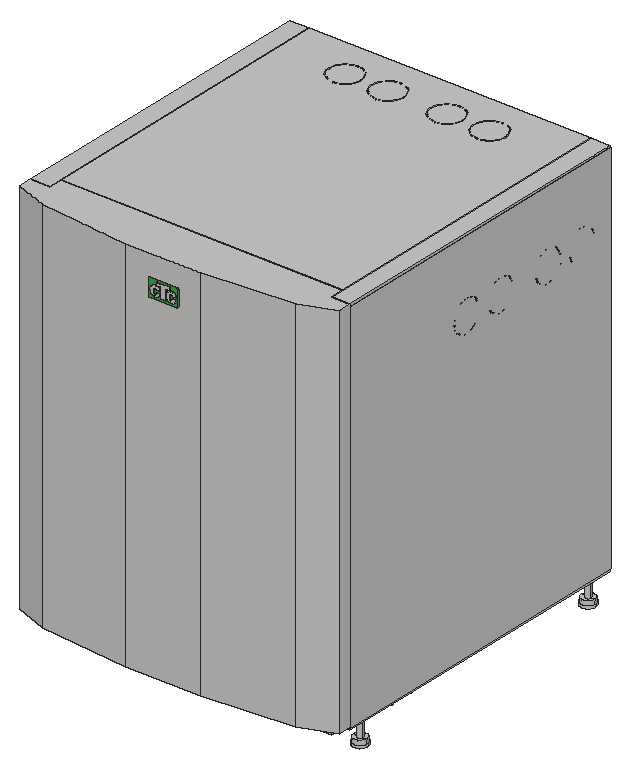
Revit family "HVAC_Heaters_Enertech_CTC-EcoPart-600M", category Specialty Equipment, Revit 2017 (continued)
Automatic sketch dimensions
  curve 56 to curve 61 = 0 mm  (x2)
  curve 56 to curve 62 = 0 mm  (x2)
  curve 56 to curve 63 = 0 mm  (x2)
  curve 57 to curve 58 = 0 mm  (x2)
  curve 57 to curve 59 = 0 mm  (x2)
  curve 57 to curve 60 = 0 mm  (x2)
  curve 57 to curve 61 = 0 mm  (x2)
  curve 57 to curve 62 = 0 mm  (x2)
  curve 57 to curve 63 = 0 mm  (x2)
  curve 58 to curve 59 = 0 mm  (x2)
  curve 58 to curve 60 = 0 mm  (x2)
  curve 58 to curve 61 = 0 mm  (x2)
  curve 58 to curve 62 = 0 mm  (x2)
  curve 58 to curve 63 = 0 mm  (x2)
  curve 59 to curve 60 = 0 mm  (x2)
  curve 59 to curve 61 = 0 mm  (x2)
  curve 59 to curve 62 = 0 mm  (x2)
  curve 59 to curve 63 = 0 mm  (x2)
  curve 60 to curve 61 = 0 mm  (x2)
  curve 60 to curve 62 = 0 mm  (x2)
  curve 60 to curve 63 = 0 mm  (x2)
  curve 61 to curve 62 = 0 mm  (x2)
  curve 61 to curve 63 = 0 mm  (x2)
  curve 62 to curve 63 = 0 mm  (x2)
  curve 72 to curve 73 = 0 mm  (x2)
  curve 72 to curve 74 = 0 mm  (x2)
  curve 72 to curve 75 = 0 mm  (x2)
  curve 72 to curve 76 = 0 mm  (x2)
  curve 72 to curve 77 = 0 mm  (x2)
  curve 72 to curve 78 = 0 mm  (x2)
  curve 72 to curve 79 = 0 mm  (x2)
  curve 73 to curve 74 = 0 mm  (x2)
  curve 73 to curve 75 = 0 mm  (x2)
  curve 73 to curve 76 = 0 mm  (x2)
  curve 73 to curve 77 = 0 mm  (x2)
  curve 73 to curve 78 = 0 mm  (x2)
  curve 73 to curve 79 = 0 mm  (x2)
  curve 74 to curve 75 = 0 mm  (x2)
  curve 74 to curve 76 = 0 mm  (x2)
  curve 74 to curve 77 = 0 mm  (x2)
  curve 74 to curve 78 = 0 mm  (x2)
  curve 74 to curve 79 = 0 mm  (x2)
  curve 75 to curve 76 = 0 mm  (x2)
  curve 75 to curve 77 = 0 mm  (x2)
  curve 75 to curve 78 = 0 mm  (x2)
  curve 75 to curve 79 = 0 mm  (x2)
  curve 76 to curve 77 = 0 mm  (x2)
  curve 76 to curve 78 = 0 mm  (x2)
  curve 76 to curve 79 = 0 mm  (x2)
  curve 77 to curve 78 = 0 mm  (x2)
  curve 77 to curve 79 = 0 mm  (x2)
  curve 78 to curve 79 = 0 mm  (x2)
  curve 314 to plane 7 = 0 mm
  curve 2 to plane 5 = 0 mm
  curve 6 to plane 5 = 0 mm
  curve 15 to plane 8 = 0 mm
  plane 7 to curve 2 = 3.5 mm
  curve 1 to curve 2 = 28 mm
  curve 17 to curve 17 = 35 mm
  plane 6 to curve 12 = 14.527 mm
  curve 17 to curve 12 = 26.736 mm
  curve 18 to curve 34 = 99.541 mm
  curve 35 to curve 30 = 0 mm
  curve 24 to curve 35 = 2.001 mm
  curve 34 to curve 25 = 0 mm
  curve 31 to curve 33 = 27.466 mm
  curve 35 to curve 36 = 27.466 mm
  curve 25 to curve 30 = 1 mm
  curve 33 to curve 32 = 2 mm
  curve 24 to curve 37 = 2 mm
  curve 24 to curve 38 = 28.466 mm
  curve 39 to curve 38 = 0 mm
  curve 29 to curve 39 = 2.001 mm
  curve 38 to curve 39 = 0 mm
  curve 39 to curve 50 = 19.066 mm
  curve 51 to curve 50 = 0 mm  (x2)
  curve 46 to curve 50 = 2.001 mm
  plane 6 to curve 12 = 0.5 mm
  curve 12 to plane 3 "Center (Left/Right)" = 57.083 mm
  curve 51 to curve 52 = 27.466 mm
  curve 47 to curve 49 = 27.466 mm
  curve 47 to curve 45 = 28.466 mm
  curve 46 to curve 48 = 2 mm
  curve 41 to curve 53 = 2 mm
  curve 54 to plane 3 "Center (Left/Right)" = 26.526 mm
  curve 55 to curve 54 = 0 mm
  curve 55 to curve 55 = 2.001 mm
  curve 54 to curve 44 = 0 mm
  plane 3 "Center (Left/Right)" to curve 86 = 24.525 mm
  curve 87 to curve 75 = 0 mm
  curve 75 to curve 86 = 2.001 mm
  curve 87 to curve 74 = 0 mm
  curve 86 to curve 85 = 27.466 mm
  curve 77 to curve 80 = 27.466 mm
  curve 77 to curve 73 = 28.466 mm
  curve 77 to curve 81 = 2 mm
  curve 74 to curve 84 = 2 mm
  plane 3 "Center (Left/Right)" to curve 13 = 57.083 mm
  curve 72 to curve 83 = 28.466 mm
  curve 82 to curve 73 = 0 mm
  curve 79 to curve 82 = 2.001 mm
  curve 83 to curve 78 = 0 mm
  curve 78 to curve 71 = 19.066 mm
  curve 70 to curve 71 = 0 mm
  curve 59 to curve 70 = 2.001 mm
  curve 71 to curve 70 = 0 mm
  curve 61 to curve 64 = 27.466 mm
  curve 58 to curve 69 = 27.466 mm
  curve 61 to curve 59 = 28.466 mm
  curve 58 to curve 68 = 2 mm
  curve 61 to curve 65 = 2 mm
  curve 56 to curve 66 = 28.466 mm
  curve 67 to curve 63 = 0 mm
  curve 57 to curve 67 = 2.001 mm
  curve 66 to curve 56 = 0 mm
  plane 6 to curve 14 = 14.527 mm
  curve 14 to plane 8 = 61.736 mm
  curve 21 to plane 8 = 35 mm
  curve 21 to curve 6 = 3.5 mm
  curve 7 to curve 7 = 3.5 mm
  plane 6 to curve 314 = 0.5 mm
  curve 312 to curve 14 = 38.564 mm
  curve 313 to curve 10 = 38.564 mm
  curve 10 to curve 18 = 24.922 mm
  curve 14 to curve 22 = 24.922 mm
  curve 80 to plane 5 = 109.917 mm
  curve 48 to curve 80 = 0 mm
  curve 76 to curve 81 = 0 mm
  curve 32 to curve 48 = 0 mm
  curve 33 to curve 28 = 0 mm
  curve 78 to curve 65 = 0 mm
  curve 64 to curve 65 = 0 mm
  curve 49 to curve 48 = 0 mm
  curve 46 to curve 49 = 2.001 mm
  curve 60 to curve 64 = 2.001 mm
  curve 78 to curve 81 = 2.001 mm
  curve 30 to curve 33 = 2.001 mm
  curve 87 to curve 86 = 2 mm
  curve 45 to curve 54 = 2 mm
  curve 71 to curve 70 = 2 mm
  curve 50 to curve 51 = 2 mm
  curve 79 to curve 83 = 2 mm
  curve 63 to curve 67 = 2 mm
  curve 39 to curve 38 = 2 mm
  curve 30 to curve 35 = 2 mm
  curve 10 to plane 5 = 4 mm
  curve 21 to curve 23 = 26 mm
  curve 208 to curve 212 = 0 mm  (x2)
  curve 214 to curve 215 = 0 mm  (x2)
  curve 217 to curve 218 = 0 mm  (x2)
  curve 221 to curve 222 = 0 mm  (x2)
  curve 227 to curve 231 = 0 mm  (x2)
  curve 233 to curve 234 = 0 mm  (x2)
  curve 236 to curve 237 = 0 mm  (x2)
  curve 240 to curve 241 = 0 mm  (x2)
  curve 248 to curve 249 = 0 mm  (x2)
  curve 248 to curve 250 = 0 mm  (x2)
  curve 248 to curve 251 = 0 mm  (x2)
  curve 248 to curve 252 = 0 mm  (x2)
  curve 248 to curve 253 = 0 mm  (x2)
  curve 248 to curve 254 = 0 mm  (x2)
  curve 248 to curve 255 = 0 mm  (x2)
  curve 249 to curve 250 = 0 mm  (x2)
  curve 249 to curve 251 = 0 mm  (x2)
  curve 249 to curve 252 = 0 mm  (x2)
  curve 249 to curve 253 = 0 mm  (x2)
  curve 249 to curve 254 = 0 mm  (x2)
  curve 249 to curve 255 = 0 mm  (x2)
  curve 250 to curve 251 = 0 mm  (x2)
  curve 250 to curve 252 = 0 mm  (x2)
  curve 250 to curve 253 = 0 mm  (x2)
  curve 250 to curve 254 = 0 mm  (x2)
  curve 250 to curve 255 = 0 mm  (x2)
  curve 251 to curve 252 = 0 mm  (x2)
  curve 251 to curve 253 = 0 mm  (x2)
  curve 251 to curve 254 = 0 mm  (x2)
  curve 251 to curve 255 = 0 mm  (x2)
  curve 252 to curve 253 = 0 mm  (x2)
  curve 252 to curve 254 = 0 mm  (x2)
  curve 252 to curve 255 = 0 mm  (x2)
  curve 253 to curve 254 = 0 mm  (x2)
  curve 253 to curve 255 = 0 mm  (x2)
  curve 254 to curve 255 = 0 mm  (x2)
  curve 264 to curve 265 = 0 mm  (x2)
  curve 264 to curve 266 = 0 mm  (x2)
  curve 264 to curve 267 = 0 mm  (x2)
  curve 264 to curve 268 = 0 mm  (x2)
  curve 264 to curve 269 = 0 mm  (x2)
  curve 264 to curve 270 = 0 mm  (x2)
  curve 264 to curve 271 = 0 mm  (x2)
  curve 265 to curve 266 = 0 mm  (x2)
  curve 265 to curve 267 = 0 mm  (x2)
  curve 265 to curve 268 = 0 mm  (x2)
  curve 265 to curve 269 = 0 mm  (x2)
  curve 265 to curve 270 = 0 mm  (x2)
  curve 265 to curve 271 = 0 mm  (x2)
  curve 266 to curve 267 = 0 mm  (x2)
  curve 266 to curve 268 = 0 mm  (x2)
  curve 266 to curve 269 = 0 mm  (x2)
  curve 266 to curve 270 = 0 mm  (x2)
  curve 266 to curve 271 = 0 mm  (x2)
  curve 267 to curve 268 = 0 mm  (x2)
  curve 267 to curve 269 = 0 mm  (x2)
  curve 267 to curve 270 = 0 mm  (x2)
  curve 267 to curve 271 = 0 mm  (x2)
  curve 268 to curve 269 = 0 mm  (x2)
  curve 268 to curve 270 = 0 mm  (x2)
  curve 268 to curve 271 = 0 mm  (x2)
  curve 269 to curve 270 = 0 mm  (x2)
  curve 269 to curve 271 = 0 mm  (x2)
  curve 270 to curve 271 = 0 mm  (x2)
  curve 280 to curve 281 = 0 mm  (x2)
  curve 280 to curve 282 = 0 mm  (x2)
  curve 280 to curve 283 = 0 mm  (x2)
  curve 280 to curve 284 = 0 mm  (x2)
  curve 280 to curve 285 = 0 mm  (x2)
  curve 280 to curve 286 = 0 mm  (x2)
  curve 280 to curve 287 = 0 mm  (x2)
  curve 281 to curve 282 = 0 mm  (x2)
  curve 281 to curve 283 = 0 mm  (x2)
  curve 281 to curve 284 = 0 mm  (x2)
  curve 281 to curve 285 = 0 mm  (x2)
  curve 281 to curve 286 = 0 mm  (x2)
  curve 281 to curve 287 = 0 mm  (x2)
  curve 282 to curve 283 = 0 mm  (x2)
  curve 282 to curve 284 = 0 mm  (x2)
  curve 282 to curve 285 = 0 mm  (x2)
  curve 282 to curve 286 = 0 mm  (x2)
  curve 282 to curve 287 = 0 mm  (x2)
  curve 283 to curve 284 = 0 mm  (x2)
  curve 283 to curve 285 = 0 mm  (x2)
  curve 283 to curve 286 = 0 mm  (x2)
  curve 283 to curve 287 = 0 mm  (x2)
  curve 284 to curve 285 = 0 mm  (x2)
  curve 284 to curve 286 = 0 mm  (x2)
  curve 284 to curve 287 = 0 mm  (x2)
  curve 285 to curve 286 = 0 mm  (x2)
  curve 285 to curve 287 = 0 mm  (x2)
  curve 286 to curve 287 = 0 mm  (x2)
  curve 296 to curve 297 = 0 mm  (x2)
  curve 296 to curve 298 = 0 mm  (x2)
  curve 296 to curve 299 = 0 mm  (x2)
  curve 296 to curve 300 = 0 mm  (x2)
  curve 296 to curve 301 = 0 mm  (x2)
  curve 296 to curve 302 = 0 mm  (x2)
  curve 296 to curve 303 = 0 mm  (x2)
  curve 297 to curve 298 = 0 mm  (x2)
  curve 297 to curve 299 = 0 mm  (x2)
  curve 297 to curve 300 = 0 mm  (x2)
  curve 297 to curve 301 = 0 mm  (x2)
  curve 297 to curve 302 = 0 mm  (x2)
  curve 297 to curve 303 = 0 mm  (x2)
  curve 298 to curve 299 = 0 mm  (x2)
  curve 298 to curve 300 = 0 mm  (x2)
  curve 298 to curve 301 = 0 mm  (x2)
  curve 298 to curve 302 = 0 mm  (x2)
  curve 298 to curve 303 = 0 mm  (x2)
  curve 299 to curve 300 = 0 mm  (x2)
  curve 299 to curve 301 = 0 mm  (x2)
  curve 299 to curve 302 = 0 mm  (x2)
  curve 299 to curve 303 = 0 mm  (x2)
  curve 300 to curve 301 = 0 mm  (x2)
  curve 300 to curve 302 = 0 mm  (x2)
  curve 300 to curve 303 = 0 mm  (x2)
  curve 301 to curve 302 = 0 mm  (x2)
  curve 301 to curve 303 = 0 mm  (x2)
  curve 302 to curve 303 = 0 mm  (x2)
  curve 316 to plane 4 = 0 mm
  curve 316 to level = 0 mm
  curve 181 to level = 0 mm
  curve 168 to level = 0 mm
  curve 193 to plane 5 = 0 mm
  curve 195 to plane 5 = 4 mm
  level to curve 166 = 4 mm
  curve 166 to plane 5 = 21.73 mm
  curve 164 to curve 166 = 2 mm
  curve 164 to curve 164 = 7.375 mm
  curve 258 to plane 5 = 40.049 mm
  curve 259 to curve 254 = 0 mm
  curve 175 to curve 162 = 10 mm
  curve 258 to curve 254 = 2.001 mm
  curve 259 to curve 255 = 0 mm
  curve 170 to curve 172 = 7.375 mm
  curve 169 to curve 170 = 2 mm
  curve 262 to curve 249 = 27.466 mm
  curve 256 to curve 258 = 27.466 mm
  curve 249 to curve 256 = 1 mm
  curve 263 to curve 248 = 2 mm
  curve 257 to curve 254 = 2 mm
  curve 260 to curve 248 = 28.466 mm
  curve 261 to curve 250 = 0 mm
  curve 260 to curve 250 = 2.001 mm
  curve 261 to curve 251 = 0 mm
  curve 275 to curve 260 = 19.066 mm
  curve 274 to curve 264 = 0 mm
  curve 275 to curve 264 = 2.001 mm
  curve 274 to curve 265 = 0 mm
  level to curve 242 = 24.995 mm
  curve 242 to curve 169 = 81.281 mm
  level to curve 243 = 26.409 mm
  curve 243 to curve 242 = 1.414 mm
  level to curve 242 = 16.828 mm
  level to curve 243 = 18.242 mm
  curve 241 to curve 240 = 1.414 mm
  level to curve 239 = 18.242 mm
  level to curve 238 = 16.828 mm
  curve 278 to curve 265 = 27.466 mm
  curve 272 to curve 271 = 27.466 mm
  curve 268 to curve 272 = 1 mm
  curve 273 to curve 270 = 2 mm
  curve 279 to curve 265 = 2 mm
  level to curve 239 = 26.828 mm
  curve 239 to curve 240 = 8.587 mm
  level to curve 238 = 25.414 mm
  curve 238 to curve 239 = 1.414 mm
  curve 235 to curve 238 = 1.414 mm
  curve 234 to curve 236 = 18.343 mm
  level to curve 226 = 25.414 mm
  curve 226 to curve 234 = 1.414 mm
  level to curve 232 = 26.828 mm
  curve 276 to curve 264 = 28.466 mm
  curve 277 to curve 276 = 0 mm
  curve 277 to curve 268 = 2.001 mm
  curve 276 to curve 277 = 0 mm
  level to curve 226 = 16.828 mm
  curve 226 to curve 234 = 8.587 mm
  level to curve 232 = 18.242 mm
  curve 232 to curve 226 = 1.414 mm
  curve 227 to curve 232 = 1.414 mm
  level to curve 230 = 18.242 mm
  level to curve 228 = 16.828 mm
  level to curve 230 = 26.409 mm
  curve 230 to curve 230 = 8.167 mm
  curve 290 to curve 269 = 49.049 mm
  curve 291 to curve 286 = 0 mm
  curve 290 to curve 286 = 2.001 mm
  curve 291 to curve 287 = 0 mm
  curve 288 to curve 287 = 27.466 mm
  curve 294 to curve 281 = 27.466 mm
  curve 286 to curve 288 = 1 mm
  curve 289 to curve 286 = 2 mm
  curve 295 to curve 294 = 2 mm
  curve 293 to curve 280 = 28.466 mm
  curve 292 to curve 284 = 0 mm
  curve 293 to curve 284 = 2.001 mm
  curve 292 to curve 285 = 0 mm
  curve 306 to curve 293 = 19.066 mm
  curve 307 to curve 302 = 0 mm
  curve 306 to curve 302 = 2.001 mm
  curve 307 to curve 303 = 0 mm
  plane 1 "Center (Front/Back)" to curve 304 = 3 mm
  plane 1 "Center (Front/Back)" to curve 310 = 3 mm
  plane 1 "Center (Front/Back)" to curve 297 = 4 mm
  curve 305 to curve 304 = 2 mm
  curve 311 to curve 310 = 2 mm
  curve 309 to curve 296 = 28.466 mm
  curve 308 to curve 309 = 0 mm
  curve 309 to curve 309 = 2.001 mm
  curve 308 to curve 301 = 0 mm
  plane 1 "Center (Front/Back)" to curve 225 = 75.261 mm
  level to curve 224 = 26.409 mm
  curve 224 to curve 223 = 1.414 mm
  level to curve 223 = 16.828 mm
  curve 223 to curve 223 = 8.167 mm
  level to curve 224 = 18.242 mm
  curve 221 to curve 221 = 1.414 mm
  level to curve 220 = 18.242 mm
  level to curve 219 = 16.828 mm
  level to curve 220 = 26.828 mm
  curve 220 to curve 220 = 8.587 mm
  level to curve 219 = 25.414 mm
  curve 219 to curve 217 = 1.414 mm
  curve 216 to curve 219 = 1.414 mm
  curve 214 to curve 217 = 18.343 mm
  level to curve 207 = 25.414 mm
  curve 207 to curve 215 = 1.414 mm
  level to curve 213 = 26.828 mm
  level to curve 207 = 16.828 mm
  curve 207 to curve 215 = 8.587 mm
  level to curve 213 = 18.242 mm
  curve 213 to curve 208 = 1.414 mm
  curve 212 to curve 213 = 1.414 mm
  level to curve 211 = 18.242 mm
  level to curve 209 = 16.828 mm
  level to curve 211 = 26.409 mm
  curve 211 to curve 211 = 8.167 mm
  curve 179 to curve 209 = 72.511 mm
  curve 177 to curve 178 = 2 mm
  curve 176 to curve 176 = 7.375 mm
  curve 184 to curve 174 = 10 mm
  curve 184 to curve 184 = 7.375 mm
  curve 180 to curve 182 = 2 mm
  curve 188 to curve 204 = 39.375 mm
  plane 6 to curve 190 = 0.5 mm
  curve 180 to curve 182 = 4 mm
  curve 177 to curve 176 = 8 mm
  curve 165 to curve 162 = 8 mm
  curve 240 to curve 241 = 1.414 mm
  curve 232 to curve 227 = 1.414 mm
  curve 213 to curve 212 = 1.414 mm
  curve 220 to curve 221 = 1.414 mm
  curve 218 to curve 218 = 1.414 mm
  level to curve 186 = 28 mm
  curve 164 to curve 195 = 16 mm
  level to curve 189 = 52.5 mm
  curve 273 to plane 4 = 167.467 mm
  curve 305 to plane 4 = 167.467 mm
  curve 305 to curve 304 = 0 mm
  curve 273 to curve 256 = 0 mm
  curve 273 to curve 272 = 0 mm
  curve 257 to curve 254 = 0 mm
  curve 302 to curve 289 = 0 mm
  curve 289 to curve 288 = 0 mm
  curve 273 to curve 273 = 2.001 mm
  curve 288 to curve 288 = 2.001 mm
  curve 257 to curve 257 = 2.001 mm
  curve 304 to curve 304 = 2.001 mm
  curve 255 to curve 259 = 2 mm
  curve 302 to curve 307 = 2 mm
  curve 301 to curve 308 = 2 mm
  curve 277 to curve 276 = 2 mm
  curve 270 to curve 275 = 2 mm
  curve 253 to curve 260 = 2 mm
  curve 284 to curve 292 = 2 mm
  curve 287 to curve 291 = 2 mm
  curve 194 to curve 190 = 47 mm
  curve 193 to plane 4 = 19 mm
  curve 315 to plane 5 = 4 mm
  curve 246 to curve 187 = 24.922 mm
  curve 188 to curve 247 = 13.835 mm
  curve 162 to curve 199 = 19.518 mm
  curve 128 to plane 7 = 0 mm
  curve 95 to level = 0 mm
  curve 127 to plane 4 = 0 mm
  curve 115 to level = 0 mm
  curve 123 to plane 8 = 0 mm
  plane 7 to curve 95 = 6.125 mm
  plane 7 to curve 92 = 8.125 mm
  curve 89 to curve 91 = 15.5 mm
  curve 90 to curve 101 = 10 mm
  level to curve 99 = 4 mm
  curve 100 to curve 99 = 7.375 mm
  curve 98 to curve 98 = 2 mm
  curve 99 to curve 104 = 4.125 mm
  curve 103 to curve 104 = 7.5 mm
  curve 135 to plane 3 "Center (Left/Right)" = 27.5 mm
  curve 135 to curve 136 = 2 mm
  curve 134 to curve 134 = 2 mm
  curve 139 to plane 3 "Center (Left/Right)" = 11.835 mm
  curve 139 to curve 142 = 0.137 mm
  curve 138 to curve 140 = 0.268 mm
  curve 139 to plane 3 "Center (Left/Right)" = 5.46 mm
  curve 137 to curve 140 = 0.087 mm
  curve 147 to plane 3 "Center (Left/Right)" = 3.818 mm
  curve 148 to plane 3 "Center (Left/Right)" = 3.81 mm
  plane 3 "Center (Left/Right)" to curve 146 = 3.815 mm
  curve 145 to curve 144 = 7.883 mm
  curve 144 to curve 151 = 6.467 mm
  curve 150 to curve 152 = 0.268 mm
  curve 150 to curve 151 = 6.375 mm
  curve 149 to curve 152 = 0.087 mm
  curve 152 to curve 132 = 0.873 mm
  curve 143 to curve 129 = 13.802 mm
  curve 130 to curve 131 = 2 mm
  level to curve 106 = 15.656 mm
  curve 106 to plane 8 = 44.5 mm
  curve 107 to curve 109 = 7.5 mm
  curve 106 to curve 115 = 9.625 mm
  curve 114 to curve 158 = 2 mm
  curve 109 to curve 110 = 11.5 mm
  curve 110 to curve 156 = 10 mm
  level to curve 118 = 4 mm
  curve 118 to plane 8 = 8.125 mm
  curve 118 to curve 117 = 2 mm
  curve 93 to curve 154 = 8 mm
  curve 118 to curve 121 = 8 mm
  curve 105 to curve 159 = 12.344 mm
  curve 103 to curve 102 = 19.518 mm
  curve 108 to curve 121 = 19.518 mm
  curve 133 to plane 4 = 73.482 mm
  curve 134 to curve 147 = 1.88 mm
  curve 147 to curve 140 = 7.647 mm
  curve 132 to curve 152 = 9.527 mm
  curve 137 to curve 139 = 4.452 mm
  curve 149 to curve 151 = 4.452 mm
  curve 139 to curve 141 = 7.839 mm
  curve 141 to curve 147 = 0.008 mm
  curve 141 to curve 145 = 0.006 mm
  curve 145 to curve 144 = 0.006 mm
  curve 141 to curve 143 = 5.341 mm
  curve 142 to curve 136 = 1.841 mm
  curve 102 to curve 127 = 27.22 mm
  curve 126 to plane 3 "Center (Left/Right)" = 70 mm
  curve 138 to curve 140 = 3.241 mm
  curve 138 to curve 137 = 0.004 mm
  curve 150 to curve 152 = 3.241 mm
  curve 150 to curve 149 = 0.004 mm
  curve 130 to curve 125 = 42.5 mm
  curve 124 to plane 8 = 64.22 mm
  curve 161 to curve 107 = 3.005 mm
  curve 161 to curve 160 = 1.414 mm
  curve 102 to curve 127 = 5 mm
  curve 149 to curve 152 = 7.6 mm
  curve 137 to curve 140 = 7.6 mm
  curve 137 to curve 138 = 3.801 mm
  curve 149 to curve 150 = 3.801 mm
  plane 7 to Extrusion 1 sketch curve = 2 mm
  Extrusion 1 sketch curve to Extrusion 1 sketch curve = 35 mm
  plane 6 to Extrusion 1 sketch curve = 14.335 mm  (x2)
  Extrusion 1 sketch curve to Extrusion 1 sketch curve = 27.22 mm
  plane 6 to Extrusion 1 sketch curve = 1.5 mm
  Extrusion 1 sketch curve to plane 3 "Center (Left/Right)" = 70 mm
  plane 3 "Center (Left/Right)" to Extrusion 1 sketch curve = 70 mm
  Extrusion 1 sketch curve to plane 8 = 64.22 mm
  Extrusion 1 sketch curve to plane 8 = 37 mm
  Extrusion 1 sketch curve to plane 8 = 2 mm
  plane 6 to Extrusion 1 sketch curve = 39.064 mm  (x2)
  Extrusion 1 sketch curve to Extrusion 1 sketch curve = 24.922 mm  (x2)
  Extrusion 1 sketch curve to Extrusion 1 sketch curve = 26 mm
  plane 7 to Extrusion 2 sketch curve = 37 mm
  Extrusion 2 sketch curve to Extrusion 2 sketch curve = 2 mm  (x4)
  Extrusion 2 sketch curve to plane 5 = 6 mm
  Extrusion 2 sketch curve to plane 8 = 39 mm
  plane 6 to Extrusion 2 sketch curve = 91.986 mm
  plane 7 to Extrusion 3 sketch curve = 37 mm
  Extrusion 3 sketch curve to plane 8 = 37 mm
  plane 6 to Extrusion 3 sketch curve = 89.986 mm
  Extrusion 3 sketch curve to plane 5 = 4 mm
  Extrusion 4 sketch curve to plane 7 = 0 mm
  Extrusion 4 sketch curve to plane 8 = 0 mm
  plane 7 to Extrusion 4 sketch curve = 2 mm
  Extrusion 4 sketch curve to Extrusion 4 sketch curve = 31 mm
  Extrusion 4 sketch curve to Extrusion 4 sketch curve = 2 mm  (x6)
  Extrusion 4 sketch curve to Extrusion 4 sketch curve = 35 mm
  Extrusion 4 sketch curve to plane 8 = 2 mm
  plane 6 to Extrusion 4 sketch curve = 63.986 mm  (x2)
  Extrusion 4 sketch curve to plane 5 = 6 mm  (x2)
  plane 7 to Extrusion 5 sketch curve = 2 mm
  Extrusion 5 sketch curve to plane 5 = 4 mm  (x2)
  Extrusion 5 sketch curve to Extrusion 5 sketch curve = 35 mm
  Extrusion 5 sketch curve to plane 8 = 37 mm
  Extrusion 5 sketch curve to plane 8 = 2 mm
  plane 6 to Extrusion 5 sketch curve = 63.986 mm  (x2)
  plane 7 to Extrusion 6 sketch curve = 2 mm
  plane 7 to Extrusion 6 sketch curve = 37 mm
  Extrusion 6 sketch curve to plane 8 = 37 mm
  Extrusion 6 sketch curve to plane 8 = 2 mm
  level to Extrusion 6 sketch curve = 28 mm
  Extrusion 6 sketch curve to Extrusion 6 sketch curve = 19.518 mm  (x2)
  Extrusion 6 sketch curve to Extrusion 6 sketch curve = 5 mm
  Extrusion 7 sketch curve to Extrusion 7 sketch curve = 0 mm  (x246)
  plane 7 to Extrusion 7 sketch curve = 134.541 mm
  Extrusion 7 sketch curve to Extrusion 7 sketch curve = 2.001 mm  (x12)
  Extrusion 7 sketch curve to Extrusion 7 sketch curve = 27.466 mm  (x8)
  Extrusion 7 sketch curve to Extrusion 7 sketch curve = 28.466 mm  (x5)
  Extrusion 7 sketch curve to Extrusion 7 sketch curve = 2 mm  (x16)
  Extrusion 7 sketch curve to Extrusion 7 sketch curve = 19.066 mm  (x2)
  Extrusion 7 sketch curve to plane 3 "Center (Left/Right)" = 26.526 mm
  plane 3 "Center (Left/Right)" to Extrusion 7 sketch curve = 24.525 mm
  Extrusion 7 sketch curve to Extrusion 7 sketch curve = 1 mm  (x2)
  Extrusion 7 sketch curve to plane 5 = 109.917 mm  (x2)
  Extrusion 8 sketch curve to Extrusion 8 sketch curve = 0 mm  (x246)
  plane 1 "Center (Front/Back)" to Extrusion 8 sketch curve = 34.467 mm
  Extrusion 8 sketch curve to Extrusion 8 sketch curve = 2.001 mm  (x12)
  plane 1 "Center (Front/Back)" to Extrusion 8 sketch curve = 5 mm  (x2)
  plane 1 "Center (Front/Back)" to Extrusion 8 sketch curve = 4 mm
  Extrusion 8 sketch curve to Extrusion 8 sketch curve = 2 mm  (x16)
  Extrusion 8 sketch curve to plane 1 "Center (Front/Back)" = 24.466 mm
  Extrusion 8 sketch curve to Extrusion 8 sketch curve = 19.066 mm  (x2)
  Extrusion 8 sketch curve to Extrusion 8 sketch curve = 27.466 mm  (x6)
  Extrusion 8 sketch curve to Extrusion 8 sketch curve = 1 mm
  Extrusion 8 sketch curve to Extrusion 8 sketch curve = 28.466 mm  (x5)
  Extrusion 8 sketch curve to Extrusion 8 sketch curve = 49.049 mm
  Extrusion 8 sketch curve to plane 4 = 167.467 mm  (x2)
  Extrusion 9 sketch curve to Extrusion 9 sketch curve = 0 mm  (x246)
  plane 7 to Extrusion 9 sketch curve = 134.533 mm
  Extrusion 9 sketch curve to Extrusion 9 sketch curve = 2.001 mm  (x12)
  Extrusion 9 sketch curve to Extrusion 9 sketch curve = 27.466 mm  (x8)
  Extrusion 9 sketch curve to Extrusion 9 sketch curve = 1 mm  (x2)
  Extrusion 9 sketch curve to Extrusion 9 sketch curve = 2 mm  (x16)
  Extrusion 9 sketch curve to Extrusion 9 sketch curve = 28.466 mm  (x5)
  Extrusion 9 sketch curve to Extrusion 9 sketch curve = 19.066 mm  (x2)
  Extrusion 9 sketch curve to plane 3 "Center (Left/Right)" = 26.534 mm
  plane 3 "Center (Left/Right)" to Extrusion 9 sketch curve = 24.516 mm
  Extrusion 9 sketch curve to plane 4 = 167.767 mm  (x2)
  Extrusion 10 sketch curve to Extrusion 10 sketch curve = 0 mm  (x4)
  plane 7 to Extrusion 10 sketch curve = 17.5 mm
  Extrusion 10 sketch curve to plane 8 = 17.5 mm
  Extrusion 10 sketch curve to plane 4 = 33 mm  (x2)
  Extrusion 11 sketch curve to Extrusion 11 sketch curve = 0 mm  (x16)
  level to Extrusion 11 sketch curve = 24.995 mm  (x2)
  plane 1 "Center (Front/Back)" to Extrusion 11 sketch curve = 141.253 mm
  level to Extrusion 11 sketch curve = 26.409 mm  (x4)
  Extrusion 11 sketch curve to Extrusion 11 sketch curve = 1.414 mm  (x20)
  level to Extrusion 11 sketch curve = 16.828 mm  (x8)
  level to Extrusion 11 sketch curve = 18.242 mm  (x8)
  level to Extrusion 11 sketch curve = 26.828 mm  (x4)
  Extrusion 11 sketch curve to Extrusion 11 sketch curve = 8.587 mm  (x4)
  level to Extrusion 11 sketch curve = 25.414 mm  (x4)
  Extrusion 11 sketch curve to Extrusion 11 sketch curve = 18.343 mm  (x2)
  Extrusion 11 sketch curve to Extrusion 11 sketch curve = 8.167 mm  (x2)
  Extrusion 11 sketch curve to plane 1 "Center (Front/Back)" = 138.747 mm
  Revolve 12 sketch curve to level = 0 mm  (x2)
  plane 7 to Revolve 12 sketch curve = 18.5 mm
  Revolve 12 sketch curve to Revolve 12 sketch curve = 12.375 mm
  Revolve 12 sketch curve to Revolve 12 sketch curve = 2 mm
  Revolve 12 sketch curve to Revolve 12 sketch curve = 4 mm
  Revolve 12 sketch curve to Revolve 12 sketch curve = 8 mm
  Revolve 12 sketch curve to Revolve 12 sketch curve = 0 mm  (x2)
  Revolve 13 sketch curve to level = 0 mm  (x2)
  plane 8 to Revolve 13 sketch curve = 18.5 mm
  Revolve 13 sketch curve to Revolve 13 sketch curve = 12.375 mm
  Revolve 13 sketch curve to Revolve 13 sketch curve = 2 mm
  Revolve 13 sketch curve to Revolve 13 sketch curve = 4 mm
  Revolve 13 sketch curve to Revolve 13 sketch curve = 8 mm
  Revolve 13 sketch curve to Revolve 13 sketch curve = 0 mm  (x2)
  Revolve 14 sketch curve to level = 0 mm  (x2)
  plane 7 to Revolve 14 sketch curve = 18.5 mm
  Revolve 14 sketch curve to Revolve 14 sketch curve = 12.375 mm
  Revolve 14 sketch curve to Revolve 14 sketch curve = 2 mm
  Revolve 14 sketch curve to Revolve 14 sketch curve = 4 mm
  Revolve 14 sketch curve to Revolve 14 sketch curve = 8 mm
  Revolve 14 sketch curve to Revolve 14 sketch curve = 0 mm  (x2)
  Revolve 15 sketch curve to level = 0 mm  (x2)
  plane 8 to Revolve 15 sketch curve = 18.5 mm
  Revolve 15 sketch curve to Revolve 15 sketch curve = 12.375 mm
  Revolve 15 sketch curve to Revolve 15 sketch curve = 2 mm
  Revolve 15 sketch curve to Revolve 15 sketch curve = 4 mm
  Revolve 15 sketch curve to Revolve 15 sketch curve = 8 mm
  Revolve 15 sketch curve to Revolve 15 sketch curve = 0 mm  (x2)
  plane 7 to Extrusion 16 sketch curve = 18.5 mm  (x2)
  Extrusion 16 sketch curve to plane 8 = 18.5 mm  (x2)
  plane 6 to Extrusion 16 sketch curve = 108.361 mm  (x2)
  Extrusion 16 sketch curve to plane 5 = 32.605 mm  (x2)
  Extrusion 17 sketch curve to plane 3 "Center (Left/Right)" = 27.5 mm
  Extrusion 17 sketch curve to Extrusion 17 sketch curve = 2 mm  (x3)
  plane 3 "Center (Left/Right)" to Extrusion 17 sketch curve = 25.5 mm  (x2)
  Extrusion 17 sketch curve to plane 4 = 73.482 mm
  Extrusion 17 sketch curve to Extrusion 17 sketch curve = 29 mm
  Extrusion 18 sketch curve to plane 3 "Center (Left/Right)" = 11.835 mm
  Extrusion 18 sketch curve to Extrusion 18 sketch curve = 0.137 mm
  Extrusion 18 sketch curve to Extrusion 18 sketch curve = 0.268 mm  (x2)
  Extrusion 18 sketch curve to plane 3 "Center (Left/Right)" = 5.46 mm
  Extrusion 18 sketch curve to Extrusion 18 sketch curve = 0.087 mm  (x2)
  Extrusion 18 sketch curve to plane 3 "Center (Left/Right)" = 3.818 mm
  Extrusion 18 sketch curve to plane 3 "Center (Left/Right)" = 3.81 mm
  plane 3 "Center (Left/Right)" to Extrusion 18 sketch curve = 3.815 mm
  Extrusion 18 sketch curve to Extrusion 18 sketch curve = 7.883 mm
  Extrusion 18 sketch curve to Extrusion 18 sketch curve = 6.467 mm
  Extrusion 18 sketch curve to Extrusion 18 sketch curve = 6.375 mm
  Extrusion 18 sketch curve to plane 4 = 69.602 mm
  Extrusion 18 sketch curve to Extrusion 18 sketch curve = 7.647 mm  (x2)
  Extrusion 18 sketch curve to Extrusion 18 sketch curve = 4.452 mm  (x2)
  Extrusion 18 sketch curve to Extrusion 18 sketch curve = 7.839 mm
  Extrusion 18 sketch curve to Extrusion 18 sketch curve = 0.008 mm
  Extrusion 18 sketch curve to Extrusion 18 sketch curve = 0.006 mm  (x2)
  Extrusion 18 sketch curve to Extrusion 18 sketch curve = 5.32 mm
  Extrusion 18 sketch curve to Extrusion 18 sketch curve = 2.969 mm
  Extrusion 18 sketch curve to Extrusion 18 sketch curve = 0.004 mm  (x2)
  Extrusion 18 sketch curve to Extrusion 18 sketch curve = 3.241 mm
  Extrusion 18 sketch curve to Extrusion 18 sketch curve = 7.6 mm  (x2)
  Extrusion 18 sketch curve to Extrusion 18 sketch curve = 3.801 mm  (x2)
  Extrusion 19 sketch curve to plane 5 = 0 mm
  Extrusion 19 sketch curve to plane 7 = 0 mm
  Extrusion 19 sketch curve to plane 8 = 0 mm
  plane 6 to Extrusion 19 sketch curve = 0.5 mm
  Extrusion 20 sketch curve to plane 3 "Center (Left/Right)" = 134.992 mm
  Extrusion 20 sketch curve to plane 3 "Center (Left/Right)" = 54.992 mm
  plane 3 "Center (Left/Right)" to Extrusion 20 sketch curve = 54.992 mm
  Extrusion 20 sketch curve to Extrusion 20 sketch curve = 80 mm
  Extrusion 20 sketch curve to plane 5 = 79.45 mm  (x4)
  Extrusion 21 sketch curve to plane 3 "Center (Left/Right)" = 135 mm
  Extrusion 21 sketch curve to plane 3 "Center (Left/Right)" = 55 mm
  plane 3 "Center (Left/Right)" to Extrusion 21 sketch curve = 54.984 mm
  Extrusion 21 sketch curve to Extrusion 21 sketch curve = 80 mm
  Extrusion 21 sketch curve to plane 4 = 137.3 mm
  Extrusion 21 sketch curve to Extrusion 21 sketch curve = 0 mm  (x3)
  plane 1 "Center (Front/Back)" to Extrusion 22 sketch curve = 4 mm
  Extrusion 22 sketch curve to plane 1 "Center (Front/Back)" = 76 mm
  Extrusion 22 sketch curve to Extrusion 22 sketch curve = 109.984 mm
  Extrusion 22 sketch curve to plane 5 = 70.516 mm
  Extrusion 22 sketch curve to plane 4 = 137 mm
  Extrusion 22 sketch curve to Extrusion 22 sketch curve = 0 mm  (x3)
  plane 1 "Center (Front/Back)" to Extrusion 23 sketch curve = 4 mm
  Extrusion 23 sketch curve to plane 1 "Center (Front/Back)" = 76 mm
  Extrusion 23 sketch curve to Extrusion 23 sketch curve = 109.984 mm
  Extrusion 23 sketch curve to plane 5 = 70.516 mm
  Extrusion 23 sketch curve to plane 4 = 137 mm
  Extrusion 23 sketch curve to Extrusion 23 sketch curve = 0 mm  (x3)
  radius of Extrusion 10 sketch curve = 14 mm  (x2)
  radius of Extrusion 10 sketch curve = 12.4 mm  (x2)
  radius of Extrusion 16 sketch curve = 5 mm  (x4)
  radius of Extrusion 20 sketch curve = 28.484 mm  (x4)
  radius of Extrusion 21 sketch curve = 28.484 mm  (x4)
  radius of Extrusion 22 sketch curve = 28.484 mm  (x4)
  radius of Extrusion 23 sketch curve = 28.484 mm  (x4)
Connectors
  electrical at (-282.5, 336.5, 727), driven by "NumberOfPoles"
    settings: on Extrusion 10, index 1, voltage 0 V, apparent load 0 VA, apparent load phase1 0 VA, apparent load phase2 0 VA, apparent load phase3 0 VA, power factor 1, load classification "Other", number of poles 3, system type 31, power factor state 1, is connector primary yes, connector utility no, sub classification motor no, connector description ""
  piping at (-134.992, 257.05, 757), diameter 28
    settings: on Extrusion 20, index 2, connector inside diameter 609.6 mm, connector length 0 mm, flow factor 0, pipe flow 0.0 L/s, pressure drop 0.0 Pa, fitting loss kfactor 0, connector angle 0.00°, fixture units 0, engagement length 0 mm, angle of deflection 0.00°, flow configuration 0, flow direction 1, fitting loss method 0, system type 19, joint type 0, gender type 0, connector reference index -1, connector utility 0, adjustable connector no, is connector primary yes, connector description ""
  piping at (-54.992, 257.05, 757), diameter 28
    settings: on Extrusion 20, index 3, connector inside diameter 609.6 mm, connector length 0 mm, flow factor 0, pipe flow 0.0 L/s, pressure drop 0.0 Pa, fitting loss kfactor 0, connector angle 0.00°, fixture units 0, engagement length 0 mm, angle of deflection 0.00°, flow configuration 0, flow direction 2, fitting loss method 0, system type 19, joint type 0, gender type 0, connector reference index -1, connector utility 0, adjustable connector no, is connector primary no, connector description ""
  piping at (54.992, 257.05, 757), diameter 28
    settings: on Extrusion 20, index 4, connector inside diameter 609.6 mm, connector length 0 mm, flow factor 0, pipe flow 0.0 L/s, pressure drop 0.0 Pa, fitting loss kfactor 0, connector angle 0.00°, fixture units 0, engagement length 0 mm, angle of deflection 0.00°, flow configuration 0, flow direction 2, fitting loss method 0, system type 22, joint type 0, gender type 0, connector reference index -1, connector utility 0, adjustable connector no, is connector primary no, connector description ""
  piping at (134.992, 257.05, 757), diameter 28
    settings: on Extrusion 20, index 5, connector inside diameter 609.6 mm, connector length 0 mm, flow factor 0, pipe flow 0.0 L/s, pressure drop 0.0 Pa, fitting loss kfactor 0, connector angle 0.00°, fixture units 0, engagement length 0 mm, angle of deflection 0.00°, flow configuration 0, flow direction 1, fitting loss method 0, system type 22, joint type 0, gender type 0, connector reference index -1, connector utility 0, adjustable connector no, is connector primary no, connector description ""
  piping at (134.984, 330.5, 622.7), diameter 28
    settings: on Extrusion 21, index 6, connector inside diameter 609.6 mm, connector length 0 mm, flow factor 0, pipe flow 0.0 L/s, pressure drop 0.0 Pa, fitting loss kfactor 0, connector angle 0.00°, fixture units 0, engagement length 0 mm, angle of deflection 0.00°, flow configuration 0, flow direction 1, fitting loss method 0, system type 22, joint type 0, gender type 0, connector reference index -1, connector utility 0, adjustable connector no, is connector primary no, connector description ""
  piping at (54.984, 330.5, 622.7), diameter 28
    settings: on Extrusion 21, index 7, connector inside diameter 609.6 mm, connector length 0 mm, flow factor 0, pipe flow 0.0 L/s, pressure drop 0.0 Pa, fitting loss kfactor 0, connector angle 0.00°, fixture units 0, engagement length 0 mm, angle of deflection 0.00°, flow configuration 0, flow direction 2, fitting loss method 0, system type 22, joint type 0, gender type 0, connector reference index -1, connector utility 0, adjustable connector no, is connector primary no, connector description ""
  piping at (-55, 330.5, 622.7), diameter 28
    settings: on Extrusion 21, index 8, connector inside diameter 609.6 mm, connector length 0 mm, flow factor 0, pipe flow 0.0 L/s, pressure drop 0.0 Pa, fitting loss kfactor 0, connector angle 0.00°, fixture units 0, engagement length 0 mm, angle of deflection 0.00°, flow configuration 0, flow direction 2, fitting loss method 0, system type 19, joint type 0, gender type 0, connector reference index -1, connector utility 0, adjustable connector no, is connector primary no, connector description ""
  piping at (-135, 330.5, 622.7), diameter 28
    settings: on Extrusion 21, index 9, connector inside diameter 609.6 mm, connector length 0 mm, flow factor 0, pipe flow 0.0 L/s, pressure drop 0.0 Pa, fitting loss kfactor 0, connector angle 0.00°, fixture units 0, engagement length 0 mm, angle of deflection 0.00°, flow configuration 0, flow direction 1, fitting loss method 0, system type 19, joint type 0, gender type 0, connector reference index -1, connector utility 0, adjustable connector no, is connector primary no, connector description ""
  piping at (-298, 265.984, 623), diameter 28
    settings: on Extrusion 22, index 10, connector inside diameter 609.6 mm, connector length 0 mm, flow factor 0, pipe flow 0.0 L/s, pressure drop 0.0 Pa, fitting loss kfactor 0, connector angle 0.00°, fixture units 0, engagement length 0 mm, angle of deflection 0.00°, flow configuration 0, flow direction 1, fitting loss method 0, system type 19, joint type 0, gender type 0, connector reference index -1, connector utility 0, adjustable connector no, is connector primary no, connector description ""
  piping at (-298, 185.984, 623), diameter 28
    settings: on Extrusion 22, index 11, connector inside diameter 609.6 mm, connector length 0 mm, flow factor 0, pipe flow 0.0 L/s, pressure drop 0.0 Pa, fitting loss kfactor 0, connector angle 0.00°, fixture units 0, engagement length 0 mm, angle of deflection 0.00°, flow configuration 0, flow direction 2, fitting loss method 0, system type 19, joint type 0, gender type 0, connector reference index -1, connector utility 0, adjustable connector no, is connector primary no, connector description ""
  piping at (-298, 76, 623), diameter 28
    settings: on Extrusion 22, index 12, connector inside diameter 609.6 mm, connector length 0 mm, flow factor 0, pipe flow 0.0 L/s, pressure drop 0.0 Pa, fitting loss kfactor 0, connector angle 0.00°, fixture units 0, engagement length 0 mm, angle of deflection 0.00°, flow configuration 0, flow direction 2, fitting loss method 0, system type 22, joint type 0, gender type 0, connector reference index -1, connector utility 0, adjustable connector no, is connector primary no, connector description ""
  piping at (-298, -4, 623), diameter 28
    settings: on Extrusion 22, index 13, connector inside diameter 609.6 mm, connector length 0 mm, flow factor 0, pipe flow 0.0 L/s, pressure drop 0.0 Pa, fitting loss kfactor 0, connector angle 0.00°, fixture units 0, engagement length 0 mm, angle of deflection 0.00°, flow configuration 0, flow direction 1, fitting loss method 0, system type 22, joint type 0, gender type 0, connector reference index -1, connector utility 0, adjustable connector no, is connector primary no, connector description ""
  piping at (298, -4, 623), diameter 28
    settings: on Extrusion 23, index 14, connector inside diameter 609.6 mm, connector length 0 mm, flow factor 0, pipe flow 0.0 L/s, pressure drop 0.0 Pa, fitting loss kfactor 0, connector angle 0.00°, fixture units 0, engagement length 0 mm, angle of deflection 0.00°, flow configuration 0, flow direction 1, fitting loss method 0, system type 22, joint type 0, gender type 0, connector reference index -1, connector utility 0, adjustable connector no, is connector primary no, connector description ""
  piping at (298, 76, 623), diameter 28
    settings: on Extrusion 23, index 15, connector inside diameter 609.6 mm, connector length 0 mm, flow factor 0, pipe flow 0.0 L/s, pressure drop 0.0 Pa, fitting loss kfactor 0, connector angle 0.00°, fixture units 0, engagement length 0 mm, angle of deflection 0.00°, flow configuration 0, flow direction 2, fitting loss method 0, system type 22, joint type 0, gender type 0, connector reference index -1, connector utility 0, adjustable connector no, is connector primary no, connector description ""
  piping at (298, 185.984, 623), diameter 28
    settings: on Extrusion 23, index 16, connector inside diameter 609.6 mm, connector length 0 mm, flow factor 0, pipe flow 0.0 L/s, pressure drop 0.0 Pa, fitting loss kfactor 0, connector angle 0.00°, fixture units 0, engagement length 0 mm, angle of deflection 0.00°, flow configuration 0, flow direction 2, fitting loss method 0, system type 19, joint type 0, gender type 0, connector reference index -1, connector utility 0, adjustable connector no, is connector primary no, connector description ""
  piping at (298, 265.984, 623), diameter 28
    settings: on Extrusion 23, index 17, connector inside diameter 609.6 mm, connector length 0 mm, flow factor 0, pipe flow 0.0 L/s, pressure drop 0.0 Pa, fitting loss kfactor 0, connector angle 0.00°, fixture units 0, engagement length 0 mm, angle of deflection 0.00°, flow configuration 0, flow direction 1, fitting loss method 0, system type 19, joint type 0, gender type 0, connector reference index -1, connector utility 0, adjustable connector no, is connector primary no, connector description ""
Types (2, lengths in mm): name | Weight | SpecifiedOutput | SoundPowerLWA | Sound pressureLPA 1m | SCOPModerate | RefrigerantQuantity | RatedHeatOutputModerate | RatedCurrent | OutputRange | ModelNumber | MaxStartingCurrent | Model | InPutPower | EANNumber | COP | CO2Equivalent
  EcoPart 616M - 400V3N | "172 kg" | "6.17 kW" | "36 dB" | "31 dB" | "5.2" | "2.2 kg" | "16" | 11.7 A | "4 - 16 kW" | "588600002" | "1.8 A" | "CTC EcoPart 616M" | "2.34 kW" | "7333077091743" | "4.40" | "3.903  tonnes"
  EcoPart 612M - 400V3N | "170 kg" | "7.1 kW" | "39 dB" | "34 dB" | "5.4" | "2.4 kg" | "10" | 11.9 A | "2.5 - 12 kW" | "588600001" | "2.3 A" | "CTC EcoPart 612M" | "1.27 kW" | "7333077091736" | "4.78" | "4.258  tonnes"
